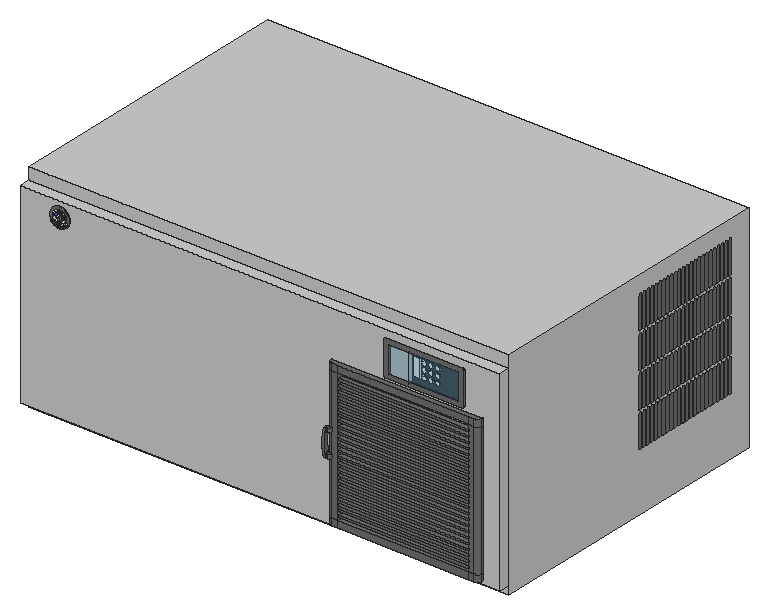
Revit family "QF_HOSHIZAKI_IM-240XPE_251030082202", category Specialty Equipment, Revit 2021 (continued)
Definition of nested family "QF_HOSHIZAKI_IM-240DPE_2920"
  Forms (mm)
    Extrusion 35, solid
      sketch origin (693, -249.137, 131.492) x (1, 0, 0) y (0, 1, 0)
        loop
          line (329.5, -463.156) -> (329.5, -450.863) -> (33.5, -450.863)
      from 0 to 5
    Extrusion 36, solid
      sketch origin (693, -249.137, 119.492) x (1, 0, 0) y (0, 1, 0)
        loop
          line (33.5, -450.863) -> (33.5, -463.156)
          arc (33.5, -463.156) -> (181.5, -470.863) -> (329.5, -463.156) r 1424.956
          line (329.5, -463.156) -> (329.5, -450.863) -> (33.5, -450.863)
      from 0 to 5
    Extrusion 37, solid
      sketch origin (693, -249.137, 107.492) x (1, 0, 0) y (0, 1, 0)
        loop
          line (33.5, -450.863) -> (33.5, -463.156)
          arc (33.5, -463.156) -> (181.5, -470.863) -> (329.5, -463.156) r 1424.956
          line (329.5, -463.156) -> (329.5, -450.863) -> (33.5, -450.863)
      from 0 to 5
    Extrusion 38, solid
      sketch origin (693, -249.137, 95.492) x (1, 0, 0) y (0, 1, 0)
        loop
          line (33.5, -450.863) -> (33.5, -463.156)
          arc (33.5, -463.156) -> (181.5, -470.863) -> (329.5, -463.156) r 1424.956
          line (329.5, -463.156) -> (329.5, -450.863) -> (33.5, -450.863)
      from 0 to 5
    Extrusion 39, solid
      sketch origin (693, -249.137, 83.492) x (1, 0, 0) y (0, 1, 0)
        loop
          line (33.5, -450.863) -> (33.5, -463.156)
          arc (33.5, -463.156) -> (181.5, -470.863) -> (329.5, -463.156) r 1424.956
          line (329.5, -463.156) -> (329.5, -450.863) -> (33.5, -450.863)
      from 0 to 5
    Extrusion 40, solid
      sketch origin (693, -249.137, 71.492) x (1, 0, 0) y (0, 1, 0)
        loop
          line (33.5, -450.863) -> (33.5, -463.156)
          arc (33.5, -463.156) -> (181.5, -470.863) -> (329.5, -463.156) r 1424.956
          line (329.5, -463.156) -> (329.5, -450.863) -> (33.5, -450.863)
      from 0 to 5
    Extrusion 41, solid
      sketch origin (693, -249.137, 59.492) x (1, 0, 0) y (0, 1, 0)
        loop
          line (33.5, -450.863) -> (33.5, -463.156)
          arc (33.5, -463.156) -> (181.5, -470.863) -> (329.5, -463.156) r 1424.956
          line (329.5, -463.156) -> (329.5, -450.863) -> (33.5, -450.863)
      from 0 to 5
    Extrusion 42, solid
      sketch origin (693, -249.137, 47.492) x (1, 0, 0) y (0, 1, 0)
        loop
          line (33.5, -450.863) -> (33.5, -463.156)
          arc (33.5, -463.156) -> (181.5, -470.863) -> (329.5, -463.156) r 1424.956
          line (329.5, -463.156) -> (329.5, -450.863) -> (33.5, -450.863)
      from 0 to 5
  Cuts and joins
    Extrusion 4 cuts Extrusion 17
  Lines and regions (mm)
    symbolic lines
      curve 1: line (0, 0, 0) -> (1083.5, 0, 0)
      curve 2: line (0, -700, 0) -> (0, 0, 0)
      curve 3: line (1083.5, 0, 0) -> (1083.5, -700, 0)
      curve 4: line (0, -700, 0) -> (1083.5, -700, 0)
  Dimensions and locks
    plane 3 "Left" to plane 4 "Right" = 1083.5 mm
    plane 5 "Front" to plane 1 "Back" = 700 mm
    plane 4 "Right" to plane 3 "Left" = 1083.5 mm
    plane 6 "Top" to level = 484.5 mm  (x2)
    plane 1 "Back" to plane 5 "Front" = 700 mm
    aligned and locked: level to plane 2
Definition of nested family "CONN_POINT_COLDWATER_2D___Generic_Annotation"
  Parameters (values of type "CONN_POINT_COLDWATER_2D___Generic_Annotation")
    Onboard connection annotation symbol visibility [instance] = yes
  Reference planes
    plane 1: y = 0
    plane 2: x = 0
  Lines and regions (mm)
    detail lines, visible <- "Onboard connection annotation symbol visibility"
      curve 1: circle (0, 0, 0) r 0.5 normal (0, 0, 1)
      curve 2: line (-1, 0, 0) -> (1, 0, 0)
      curve 3: line (0, 1, 0) -> (0, -1, 0)
      curve 4: line (3.241, 1, 0) -> (3.717, -1, 0)
      curve 5: line (3.717, -1, 0) -> (4.193, 1, 0)
      curve 6: line (4.193, 1, 0) -> (4.669, -1, 0)
      curve 7: line (4.669, -1, 0) -> (5.145, 1, 0)
      curve 8: arc (2.67, 0.524, 0) -> (2.004, 1, 0) -> (1.337, 0.524, 0) r 0.704
      curve 9: arc (1.337, -0.524, 0) -> (2.004, -1, 0) -> (2.67, -0.524, 0) r 0.704
      curve 10: arc (1.337, 0.524, 0) -> (1.25, 0, 0) -> (1.337, -0.524, 0) r 1.616
Definition of nested family "CONN_POINT_DRAIN_2D___Generic_Annotation"
  Parameters (values of type "CONN_POINT_DRAIN_2D___Generic_Annotation")
    Onboard connection annotation symbol visibility [instance] = yes
  Reference planes
    plane 1: y = 0
    plane 2: x = 0
  Lines and regions (mm)
    detail lines, visible <- "Onboard connection annotation symbol visibility"
      curve 1: circle (0, 0, 0) r 0.5 normal (0, 0, 1)
      curve 2: line (-1, 0, 0) -> (1, 0, 0)
      curve 3: line (0, 1, 0) -> (0, -1, 0)
      curve 4: line (1.776, 1, 0) -> (1.25, 1, 0)
      curve 5: line (1.25, 1, 0) -> (1.25, -1, 0)
      curve 6: line (1.25, -1, 0) -> (1.776, -1, 0)
      curve 7: arc (2.206, -0.862, 0) -> (2.459, -0.589, 0) -> (2.583, -0.238, 0) r 0.918
      curve 8: arc (2.583, 0.238, 0) -> (2.459, 0.589, 0) -> (2.206, 0.862, 0) r 0.918
      curve 9: arc (2.583, -0.238, 0) -> (2.599, 0, 0) -> (2.583, 0.238, 0) r 1.77
      curve 10: arc (2.206, 0.862, 0) -> (2.002, 0.965, 0) -> (1.776, 1, 0) r 0.741
      curve 11: arc (1.776, -1, 0) -> (2.002, -0.965, 0) -> (2.206, -0.862, 0) r 0.741
Definition of nested family "CONN_POINT_ELE_2D___Generic_Annotation"
  Parameters (values of type "CONN_POINT_ELE_2D___Generic_Annotation")
    Onboard connection annotation symbol visibility [instance] = yes
  Reference planes
    plane 1: y = 0
    plane 2: x = 0
  Lines and regions (mm)
    detail lines, visible <- "Onboard connection annotation symbol visibility"
      curve 1: circle (0, 0, 0) r 0.5 normal (0, 0, 1)
      curve 2: line (-1, 0, 0) -> (1, 0, 0)
      curve 3: line (0, 1, 0) -> (0, -1, 0)
      curve 4: line (2.5, 1, 0) -> (1.25, 1, 0)
      curve 5: line (1.25, 1, 0) -> (1.25, -1, 0)
      curve 6: line (1.25, -1, 0) -> (2.5, -1, 0)
      curve 7: line (1.25, 0, 0) -> (2, 0, 0)
